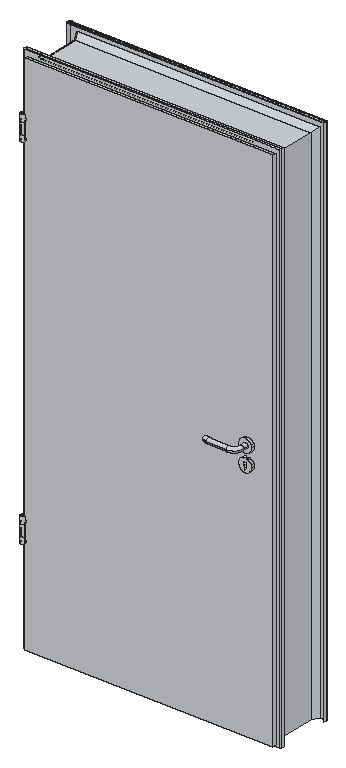
Revit family "BOS-Schrägleibungszarge-15ZcBud_Familie", category Türen, Revit 2017 (continued)
Definition of nested family "BOS-Band-VX_Modell"
  Automatic sketch dimensions
    plane 1 to Extrusion 8 sketch curve = 7.193 mm
    Extrusion 8 sketch curve to Extrusion 8 sketch curve = 0.599 mm
    Extrusion 8 sketch curve to plane 1 = 1.214 mm
    Extrusion 8 sketch curve to Extrusion 8 sketch curve = 3.496 mm
    plane 1 to Extrusion 8 sketch curve = 4.667 mm
    Extrusion 8 sketch curve to Extrusion 8 sketch curve = 2.431 mm
    Extrusion 8 sketch curve to Extrusion 8 sketch curve = 0.001 mm
    Extrusion 8 sketch curve to Extrusion 8 sketch curve = 0.021 mm
    Extrusion 8 sketch curve to plane 1 = 0.017 mm
    Extrusion 8 sketch curve to Extrusion 8 sketch curve = 0.149 mm
    Extrusion 8 sketch curve to Extrusion 8 sketch curve = 2.05 mm
    Extrusion 9 sketch curve to Extrusion 9 sketch curve = 0 mm  (x6)
    Extrusion 9 sketch curve to curve 1 = 0 mm
    curve 1 to Extrusion 9 sketch curve = 0 mm
    Extrusion 9 sketch curve to curve 1 = 5.051 mm
    Extrusion 9 sketch curve to Extrusion 9 sketch curve = 4.091 mm
    Extrusion 9 sketch curve to curve 1 = 7.771 mm
    Extrusion 9 sketch curve to Extrusion 9 sketch curve = 2.203 mm
    Extrusion 9 sketch curve to Extrusion 9 sketch curve = 7.729 mm
    Extrusion 10 sketch curve to Extrusion 10 sketch curve = 0 mm  (x6)
    Extrusion 10 sketch curve to curve 1 = 0 mm
    curve 1 to Extrusion 10 sketch curve = 0 mm
    Extrusion 10 sketch curve to curve 1 = 5.051 mm
    Extrusion 10 sketch curve to Extrusion 10 sketch curve = 4.091 mm
    Extrusion 10 sketch curve to curve 1 = 7.771 mm
    Extrusion 10 sketch curve to Extrusion 10 sketch curve = 2.203 mm
    Extrusion 10 sketch curve to Extrusion 10 sketch curve = 7.729 mm
    Extrusion 11 sketch curve to Extrusion 11 sketch curve = 0 mm  (x3)
    plane 1 to Extrusion 11 sketch curve = 0 mm
    Extrusion 11 sketch curve to plane 3 = 0 mm
    Extrusion 11 sketch curve to plane 1 = 1.171 mm
    Extrusion 11 sketch curve to Extrusion 11 sketch curve = 6.421 mm
    plane 1 to Extrusion 11 sketch curve = 7.193 mm
    Extrusion 11 sketch curve to Extrusion 11 sketch curve = 0.526 mm
    Extrusion 11 sketch curve to Extrusion 11 sketch curve = 0.553 mm
    Extrusion 11 sketch curve to plane 1 = 0.901 mm
    plane 1 to Extrusion 11 sketch curve = 10.603 mm
    Extrusion 11 sketch curve to Extrusion 11 sketch curve = 3.5 mm
    Extrusion 11 sketch curve to Extrusion 11 sketch curve = 0.158 mm
    Extrusion 11 sketch curve to Extrusion 11 sketch curve = 1.739 mm
    plane 1 to Extrusion 11 sketch curve = 4.695 mm
    Extrusion 12 sketch curve to Extrusion 12 sketch curve = 0 mm  (x6)
    curve 1 to Extrusion 12 sketch curve = 0 mm  (x2)
    curve 1 to Extrusion 12 sketch curve = 46.34 mm
    Extrusion 12 sketch curve to Extrusion 12 sketch curve = 3.031 mm  (x2)
    Extrusion 12 sketch curve to Extrusion 12 sketch curve = 5.75 mm
    Extrusion 12 sketch curve to Extrusion 12 sketch curve = 1.346 mm
    Extrusion 12 sketch curve to Extrusion 12 sketch curve = 0.548 mm
    Extrusion 12 sketch curve to Extrusion 12 sketch curve = 1.017 mm
    Extrusion 12 sketch curve to Extrusion 12 sketch curve = 3.25 mm
    Extrusion 12 sketch curve to Extrusion 12 sketch curve = 1.75 mm
    Extrusion 13 sketch curve to Extrusion 13 sketch curve = 0 mm  (x6)
    curve 1 to Extrusion 13 sketch curve = 0 mm  (x2)
    curve 1 to Extrusion 13 sketch curve = 46.34 mm
    Extrusion 13 sketch curve to Extrusion 13 sketch curve = 3.031 mm  (x2)
    Extrusion 13 sketch curve to Extrusion 13 sketch curve = 5.75 mm
    Extrusion 13 sketch curve to Extrusion 13 sketch curve = 1.346 mm
    Extrusion 13 sketch curve to Extrusion 13 sketch curve = 0.548 mm
    Extrusion 13 sketch curve to Extrusion 13 sketch curve = 1.017 mm
    Extrusion 13 sketch curve to Extrusion 13 sketch curve = 3.25 mm
    Extrusion 13 sketch curve to Extrusion 13 sketch curve = 1.75 mm
    radius of Sweep 1 sketch curve = 6.5 mm
Definition of nested family "BOS-BOS_Modell"
  Parameters (values of type "BOS-BOS_Modell")
    Abstand = 22 mm
  Reference planes
    plane 1 "Mitte (Vorne/hinten)": y = 0
    plane 2: z = 0
    plane 3 "Mitte (Links/rechts)": x = 0
    plane 4 "BOS": x = -22
  Dimensions and locks
    "Abstand": plane 4 "BOS" to plane 3 "Mitte (Links/rechts)"
    aligned and locked: level to plane 2
    aligned and locked: plane 1 "Mitte (Vorne/hinten)" to text3d elem
    aligned and locked: text3d elem to level
Definition of nested family "BOS-Info-Texte_Beschriftung"
  Parameters (values of type "Drückerhöhe Warnung")
    Unten = yes
    Schwarz = yes
    Rot = no
    Oben = no
    Info-Text En unten = "Please take the handle depth/height and/or DIN opening direction into account!"
    Info-Text De unten = "Drückertiefen/-höhen und/oder DIN Richtungen beachten/anpassen!"
    Info-Text En oben = "Kein Text"
    Englisch unten rot = and(and(Unten, Englisch), Rot)  # no
    Englisch unten schwarz = and(and(Unten, Englisch), Schwarz)  # no
    Englisch oben rot = and(and(Oben, Englisch), Rot)  # no
    Englisch oben schwarz = and(and(Oben, Englisch), Schwarz)  # no
    Info-Text De oben = "Kein Text"
    Warndreieck = yes
    Fehlerkreis = no
    Englisch = no
    Deutsch unten rot = and(and(Unten, Deutsch), Rot)  # no
    Deutsch unten schwarz = and(and(Unten, Deutsch), Schwarz)  # yes
    Deutsch oben rot = and(and(Oben, Deutsch), Rot)  # no
    Deutsch oben schwarz = and(and(Oben, Deutsch), Schwarz)  # no
    Deutsch = not(Englisch)  # yes
    Ausrufezeichen = "!"
  Types (15, lengths in mm): name | Unten | Schwarz | Rot | Oben | Info-Text En unten | Info-Text De unten | Info-Text En oben | Info-Text De oben | Warndreieck | Fehlerkreis | Deutsch unten schwarz | Deutsch oben rot | Deutsch oben schwarz
    Rechtliche Hinweise | no | yes | no | yes | "Kein Text" | "Kein Text" | "In accordance with the protection note according to DIN 34, the ownership and copyrights are reserved!\r\n© 2016 BOS GmbH, Emsdetten, Germany -\r\nObserve the ISO 16016 protective label (see ID data)!\r\n\r\nSubject to technical change!" | "Entsprechend dem Schutzvermerk nach DIN 34 behalten wir uns Eigentum und Urheberrecht vor!\r\n© 2016 BOS GmbH, Emsdetten, Deutschland -\r\nSchutzvermerk ISO 16016 beachten (siehe ID-Daten)!\r\n\r\nTechnische Änderungen vorbehalten!" | no | no | no | no | yes
    Maulweite Fehlermeldung | no | yes | no | yes | "Kein Text" | "Kein Text" | "Check the wall thickness!" | "Wandstärke prüfen!" | no | yes | no | no | yes
    Verstellbereich | no | yes | no | yes | "Kein Text" | "Kein Text" | "Adjustment area from -5 to +15mm,\r\nother adjustment areas possible" | "Verstellbereich von -5 bis +15mm\r\nanderer Verstellbereich möglich" | no | no | no | no | yes
    Verstellbereich wSvdW | no | yes | no | yes | "Kein Text" | "Kein Text" | "Adjustment area in the soffit from -2 to +15mm,\r\nother adjustment areas possible" | "Verstellbereich in der Zargenleibung von -2 bis +15mm\r\nanderer Verstellbereich möglich" | no | no | no | no | yes
    Wandartauswahl 15Nz15Z | no | yes | no | yes | "Kein Text" | "Kein Text" | "Attention for stud walls: underlay from site required!\r\nFor DIN door leaves, select larger structural wall measurements.\r\nFor selection \"stud walls\":\r\nsee 'Features' (remove tick for brick walls)" | "Achtung bei Ständerwerk: bauseitige Unterfütterung erforderlich!\r\nBei DIN-Türblatt Rohbaumaße größer wählen.\r\nFür Auswahl \"Ständerwerk\": \r\nsiehe 'Eigenschaften' (Häkchen entfernen bei Mauerwerk)." | no | no | no | no | yes
    Technische Hinweise | no | yes | no | yes | "Kein Text" | "Kein Text" | "Due to manufacturing reasons this Revit family may not be changed\r\nwithout consulting BOS!\r\n\r\nDo not mirror frames (door list)!\r\nsee ‘Features’: DIN left / DIN right\r\n\r\nThe solid and stud walls or, for example, their profiles,\r\nmust be designed so that they can reliably and sustainably\r\nabsorb the static and dynamic forces resulting\r\nfrom the load on the door element used." | "Diese Revit-Familie darf aus fertigungstechnischen Gründen\r\nnicht ohne Rücksprache mit BOS abgeändert werden!\r\n\r\nZargen nicht spiegeln (Türliste)!\r\nsiehe 'Eigenschaften': DIN links / DIN rechts\r\n\r\nDie Massiv- und Ständerwerkswände bzw. deren Profile\r\nmüssen so ausgebildet sein, dass sie die statischen\r\nund dynamischen Kräfte, welche sich aus der Belastung\r\ndes verwendeten Türelements ergeben, zuverlässig\r\nund nachhaltig aufnehmen können." | no | no | no | no | yes
    Drückerhöhe Warnung | yes | yes | no | no | "Please take the handle depth/height and/or DIN opening direction into account!" | "Drückertiefen/-höhen und/oder DIN Richtungen beachten/anpassen!" | "Kein Text" | "Kein Text" | yes | no | yes | no | no
    Maulweite-Dehnungsfuge Fehlermeldung | no | yes | no | yes | "Kein Text" | "Kein Text" | "Check the wall thickness and/or expansion joint!" | "Wandstärke und/oder Dehnungsfuge prüfen!" | no | yes | no | no | yes
    Technische Hinweise Norm | no | yes | no | yes | "Kein Text" | "Kein Text" | "Due to manufacturing reasons this Revit family may not be changed\r\nwithout consulting BOS!\r\n\r\nThe solid and stud walls or, for example, their profiles,\r\nmust be designed so that they can reliably and sustainably\r\nabsorb the static and dynamic forces resulting\r\nfrom the load on the door element used." | "Diese Revit-Familie darf aus fertigungstechnischen Gründen\r\nnicht ohne Rücksprache mit BOS abgeändert werden!\r\n\r\nDie Massiv- und Ständerwerkswände bzw. deren Profile\r\nmüssen so ausgebildet sein, dass sie die statischen\r\nund dynamischen Kräfte, welche sich aus der Belastung\r\ndes verwendeten Türelements ergeben, zuverlässig\r\nund nachhaltig aufnehmen können." | no | no | no | no | yes
    Maßauswahl | no | no | yes | yes | "Kein Text" | "Kein Text" | "To choose  Rebate Width/Height Measurement, Receiving Opening\r\nsee 'Features'" | "Auswahl von FMB, FMH, MW\r\nunter 'Eigenschaften'" | no | no | no | yes | no
    Rohbaumaß Warnung (Spiegelbreiten) | no | yes | no | yes | "Kein Text" | "Kein Text" | "For DIN door leaves, select larger structural wall measurements!\r\nWhen changing the architrave widths, the structural measurements change accordingly." | "Bei DIN-Türblatt Rohbaumaße größer wählen!\r\nBei Änderung der Spiegelbreiten, Rohbaumaße beachten." | no | no | no | no | yes
    Drehpunkt Warnung | no | yes | no | yes | "Kein Text" | "Kein Text" | "The actual pivot point of the door leaf\r\nmay differ from the one illustrated!" | "Der tatsächliche Drehpunkt des Türblattes\r\nkann von der Darstellung abweichen!" | no | no | no | no | yes
    Türblattgewicht Hinweis | no | yes | no | yes | "Kein Text" | "Kein Text" | "Attention! Take door leaf weight into account!\r\nSee Webseite" | "Achtung! Türblattgewicht beachten!\r\nSiehe Webseite" | no | no | no | no | yes
    Pendeltürbänder Hinweis | no | yes | no | yes | "Kein Text" | "Kein Text" | "Please observe the instructions for the double action spring hinges\r\ngiven by the door hinge manufacturer Frivado\r\nregarding door leaf width, height and thickness!" | "Die Angaben zu den Pendeltürbändern\r\ndes Herstellers Fridavo beachten: zu \r\nTürblattbreite, -höhe, -dicke und -gewicht!" | no | no | no | no | yes
    Rohbaumaß Warnung | no | yes | no | yes | "Kein Text" | "Kein Text" | "For DIN door leaves, select larger structural wall measurements!" | "Bei DIN-Türblatt Rohbaumaße größer wählen!" | no | no | no | no | yes
  Reference planes
    plane 1: y = 0.955
    plane 2: x = 0
  Lines and regions (mm)
    Filled region 1, type "Gefüllter Bereich Gelb", visible <- "Warndreieck"
      outline origin (-7.188, 1.747, 0) x (1, 0, 0) y (0, 1, 0)
        loop
          line (5.951, -3.033) -> (8.413, -3.033) -> (7.182, -0.9) -> (5.951, -3.033)
    Filled region 2, type "Gefüllter Bereich Rot", visible <- "Fehlerkreis"
      outline origin (0, -3.763, 0) x (1, 0, 0) y (0, 1, 0)
        loop
          circle (0, 3.1) r 1.5
        loop
          line (-0.937, 3.486) -> (-0.937, 2.686) -> (1.023, 2.686) -> (1.023, 3.486) -> (-0.937, 3.486)
    Filled region 3, type "Gefüllter Bereich Weiss", visible <- "Fehlerkreis"
      outline origin (-7.014, -2.062, 0) x (1, 0, 0) y (0, 1, 0)
        loop
          line (6.077, 1.785) -> (6.077, 0.985) -> (8.038, 0.985) -> (8.038, 1.785) -> (6.077, 1.785)
  Text (mm)
    label "Info-Text De oben schwarz" at (0.065, 1.415, 0), shows "Info-Text De oben", visible <- "Deutsch oben schwarz"
    label "!" at (0.065, -0.414, 0), shows "Ausrufezeichen", visible <- "Warndreieck"
    label "Info-Text En oben schwarz" at (0.065, 1.415, 0), shows "Info-Text En oben", visible <- "Englisch oben schwarz"
    label "Info-Text De unten schwarz" at (0.218, -2.468, 0), shows "Info-Text De unten", visible <- "Deutsch unten schwarz"
    label "Info-Text En unten schwarz" at (0.065, -2.419, 0), shows "Info-Text En unten", visible <- "Englisch unten schwarz"
    label "Info-Text En oben rot" at (0.065, 1.415, 0), shows "Info-Text En oben", visible <- "Englisch oben rot"
    label "Info-Text En unten rot" at (0.065, -2.419, 0), shows "Info-Text En unten", visible <- "Englisch unten rot"
    label "Info-Text De unten rot" at (0.065, -2.419, 0), shows "Info-Text De unten", visible <- "Deutsch unten rot"
    label "Info-Text De oben rot" at (-0.371, 1.396, 0), shows "Info-Text De oben", visible <- "Deutsch oben rot"
Definition of nested family "BOS-Logo_Modell"
  Parameters (values of type "BOS-Logo_Modell")
    URL = "www.BestOfSteel.de"
    Rechtliche Hinweise = "www.BestOfSteel.de/tools-downloads/bim-building-information-modeling/"
    Description = "BOS Logo"
    Keynote = "BOS Logo"
    BOS-Architekten-Beratung = "Tel.: +49 (0) 2572 203-203; E-Mail: architekten@BestOfSteel.de"
    Technische Infos rund um die Stahlzarge = "www.BestOfSteel.de/tools-downloads/technische-infos-rund-um-die-stahlzarge/"
    Abstand vertikal = 10 mm
    Abstand horizontal = 15 mm
  Reference planes
    plane 1: y = 0
    plane 2: z = 0
    plane 3: x = 0
    plane 4: x = -7
    plane 5: x = 7
    plane 6: y = 8.299
    plane 7: x = 15
    plane 8: y = 4.15
    plane 9: x = -15
    plane 10: y = 14.15
    plane 11: y = -5.85
  Dimensions and locks
    plane 4 to plane 3 to plane 5 = 7 mm, 7 mm
    "Abstand vertikal": plane 11 to plane 8 to plane 10
    plane 6 to plane 8 to plane 1 = 4.15 mm, 4.15 mm
    "Abstand horizontal": plane 9 to plane 3
    "Abstand horizontal": plane 3 to plane 7
    aligned and locked: level to plane 2
Definition of nested family "BOS-Druckfeste-Unterfütterung-bauseits_Detail"
  Parameters (values of type "BOS-Druckfeste-Unterfütterung-bauseits_Detail")
    Unterfütterungsstärke = 12 mm
    Unterfütterungabstand vorne = 30 mm
    Unterfütterungabstand hinten = 30 mm
    URL = "www.BestOfSteel.de"
    Rechtliche Hinweise = "www.BestOfSteel.de/tools-downloads/bim-building-information-modeling/"
    Putzwinkel vorne = 0 mm
    Putzwinkel hinten = 0 mm
    MW Maulweite = 200 mm
    BOS-Architekten-Beratung = "Tel.: +49 (0) 2572 203-203; E-Mail: architekten@BestOfSteel.de"
    Technische Infos rund um die Stahlzarge = "www.BestOfSteel.de/tools-downloads/technische-infos-rund-um-die-stahlzarge/"
    Manufacturer = "BOS GmbH Best Of Steel, Lütkenfelde 4, D-48282 Emsdetten"
    Description = "Druckfeste Unterfütterung (bauseits)"
    Keynote = "BOS Detail"
  Reference planes
    plane 1: y = 0
    plane 2: z = 0
    plane 3: x = 0
    plane 4: y = 200
    plane 5: x = 12
    plane 6: y = 0
    plane 7: y = 200
    plane 8: y = 170
    plane 9: y = 30
    plane 10: y = 100
  Lines and regions (mm)
    detail lines, in view "Ref.-Ebene"
      curve 1: line (0, 30, 0) -> (12, 30, 0)
      curve 2: line (12, 30, 0) -> (12, 170, 0)
      curve 3: line (12, 170, 0) -> (0, 170, 0)
      curve 4: line (0, 170, 0) -> (0, 30, 0)
      curve 5: line (0, 30, 0) -> (12, 170, 0)
      curve 6: line (12, 30, 0) -> (0, 170, 0)
  Dimensions and locks
    "MW Maulweite": plane 4 to plane 1
    "Putzwinkel vorne": plane 1 to plane 6
    "Putzwinkel hinten": plane 7 to plane 4
    "Unterfütterungabstand vorne": plane 9 to plane 6
    "Unterfütterungabstand hinten": plane 7 to plane 8
    "Unterfütterungsstärke": plane 3 to plane 5
    equal spacing: plane 4, plane 10, plane 1
  Automatic sketch dimensions
    curve 1 to plane 3 = 0 mm
    curve 6 to plane 5 = 0 mm
    curve 6 to plane 9 = 0 mm
    curve 3 to plane 8 = 0 mm
Definition of nested family "BOS-Nivellieranker_Detail"
  Parameters (values of type "BOS-Nivellieranker_Detail")
    Unterfütterungsstärke = 0 mm
    URL = "www.BestOfSteel.de"
    Stumpf-Gefälzt = if(Gefälzt, 28 mm, 46 mm)  # 28 mm
    Stumpf = no
    Schraubenabstand vorne = 17 mm
    Schraubenabstand hinten = 21 mm
    Rechtliche Hinweise = "www.BestOfSteel.de/tools-downloads/bim-building-information-modeling/"
    Putzwinkel vorne = 15 mm
    Nivellierankerlänge = if(and(Gefälzt, Nivellierankergröße < 2), 87 mm, if(and(Stumpf, Nivellierankergröße < 3), 105 mm, 55 mm + (Nivellierankergröße * 25 mm)))  # 205 mm
    Nivellierankergröße = if(roundup((GT - 94 mm) / 25 mm) < 0, 0, roundup((GT - 94 mm) / 25 mm))  # 6
    MW Maulweite = 200 mm
    Manufacturer = "BOS GmbH Best Of Steel, Lütkenfelde 4, D-48282 Emsdetten"
    Gefälzt = yes
    GT min. = if(Gefälzt, 105 mm, 120 mm)  # 105 mm
    GT max. = if(Gefälzt, 319 mm, 344 mm)  # 319 mm
    GT Gesamttiefe = 230 mm
    GT = if(or(GT Gesamttiefe < GT min., GT Gesamttiefe > GT max.), 0 mm, GT Gesamttiefe)  # 230 mm
    Falzaufschlag gesamt = 15 mm
    Einfügepunkt = 22 mm
    Blechstärke = 1.5 mm
    Description = "Nivellieranker"
    Keynote = "BOS Detail"
    BOS-Architekten-Beratung = "Tel.: +49 (0) 2572 203-203; E-Mail: architekten@BestOfSteel.de\r\nTel.: +49 (0) 2572 203-203, Fax -209; E-Mail: architekten@BestOfSteel.de\r\nTel.: +49 (0) 2572 203-203, Fax -209; E-Mail: architekten@BestOfSteel.de"
    Technische Infos rund um die Stahlzarge = "www.BestOfSteel.de/tools-downloads/technische-infos-rund-um-die-stahlzarge/"
    Abstand vorne = 0 mm
    Abstand hinten = 0 mm
  Reference planes
    plane 1: z = 0
    plane 2: x = 0
    plane 3: x = 35.5
    plane 4: y = 193.247
    plane 5: y = 3.247
    plane 6: y = 16.747
    plane 7: y = 216.747
    plane 8: x = 20.5
    plane 9: y = 1.747
    plane 10: x = 37
    plane 11: x = 22
    plane 12: y = 48.247
    plane 13: y = 187.247
    plane 14: y = 208.247
    plane 15: y = 3.247
    plane 16: x = 8.5
    plane 17: y = 31.247
    plane 18: x = 2
    plane 19: y = 52.247
    plane 20: y = 44.247
    plane 21: y = 183.247
    plane 22: y = 191.247
    plane 23: x = 33.5
    plane 24: x = 0
    plane 25: y = 109.247
  Lines and regions (mm)
    detail lines, in view "Ref.-Ebene", not visible
      curve 1: arc (191, 231, 0) -> (192, 230, 0) -> (193, 231, 0) r 1
      curve 2: arc (193, 244, 0) -> (192, 245, 0) -> (191, 244, 0) r 1
      curve 3: line (193, 231, 0) -> (193, 244, 0)
      curve 4: line (191, 244, 0) -> (191, 231, 0)
      curve 11: line (234.876, 339.411, 0) -> (233.447, 342.424, 0)
      curve 12: line (233.447, 342.424, 0) -> (235.255, 343.281, 0)
      curve 13: line (235.255, 343.281, 0) -> (236.876, 339.862, 0)
      curve 14: line (236.876, 327.281, 0) -> (238.976, 327.281, 0)
      curve 15: line (238.976, 327.281, 0) -> (238.976, 328.281, 0)
      curve 16: line (236.876, 343.285, 0) -> (236.876, 327.281, 0)
    reference lines, in view "Ref.-Ebene", not visible
      curve 5: line (187.644, 237.5, 0) -> (197.644, 237.5, 0)
      curve 30: line (234.876, 339.411, 0) -> (234.876, 327.411, 0)
      curve 31: line (236.876, 343.285, 0) -> (241.876, 343.285, 0)
    detail lines, in view "Ref.-Ebene"
      curve 6: arc (0, 180.747, 0) -> (1, 179.747, 0) -> (2, 180.747, 0) r 1
      curve 7: arc (2, 193.747, 0) -> (1, 194.747, 0) -> (0, 193.747, 0) r 1
      curve 8: line (2, 180.747, 0) -> (2, 193.747, 0)
      curve 9: line (0, 193.747, 0) -> (0, 180.747, 0)
      curve 17: arc (0, 41.747, 0) -> (1, 40.747, 0) -> (2, 41.747, 0) r 1
      curve 18: arc (2, 54.747, 0) -> (1, 55.747, 0) -> (0, 54.747, 0) r 1
      curve 19: line (2, 41.747, 0) -> (2, 54.747, 0)
      curve 20: line (0, 54.747, 0) -> (0, 41.747, 0)
      curve 22: line (8.5, 204.373, 0) -> (7.072, 207.386, 0)
      curve 23: line (7.072, 207.386, 0) -> (8.879, 208.243, 0)
      curve 24: line (8.879, 208.243, 0) -> (10.5, 204.823, 0)
      curve 25: line (10.5, 192.243, 0) -> (12.6, 192.243, 0)
      curve 26: line (12.6, 192.243, 0) -> (12.6, 193.243, 0)
      curve 27: line (10.5, 208.247, 0) -> (10.5, 192.243, 0)
      curve 32: line (2, 191.247, 0) -> (8.5, 191.247, 0)
      curve 33: line (2, 183.247, 0) -> (8.5, 183.247, 0)
      curve 34: line (8.5, 52.247, 0) -> (2, 52.247, 0)
      curve 35: line (2, 44.247, 0) -> (8.5, 44.247, 0)
      curve 36: arc (18.158, 31.008, 0) -> (17.681, 31.374, 0) -> (17.5, 31.947, 0) r 1
      curve 37: arc (17.474, 29.128, 0) -> (16.043, 30.227, 0) -> (15.5, 31.947, 0) r 3
      curve 38: arc (18.526, 30.874, 0) -> (19.957, 29.775, 0) -> (20.5, 28.055, 0) r 3
      curve 39: arc (17.842, 28.994, 0) -> (18.319, 28.628, 0) -> (18.5, 28.055, 0) r 1
      curve 40: line (17.5, 31.947, 0) -> (17.5, 193.247, 0)
      curve 41: line (20.5, 28.055, 0) -> (20.5, 5.247, 0)
      curve 42: line (20.5, 5.247, 0) -> (10.5, 5.247, 0)
      curve 43: line (10.5, 5.247, 0) -> (10.5, 3.247, 0)
      curve 44: line (10.5, 3.247, 0) -> (8.5, 3.247, 0)
      curve 45: line (8.5, 3.247, 0) -> (8.5, 204.377, 0)
      curve 46: line (15.5, 193.247, 0) -> (15.5, 31.947, 0)
      curve 47: line (18.5, 5.247, 0) -> (18.5, 28.055, 0)
      curve 48: line (18.526, 30.874, 0) -> (18.158, 31.008, 0)
      curve 49: line (17.842, 28.994, 0) -> (17.474, 29.128, 0)
      curve 50: line (10.5, 208.247, 0) -> (35.5, 208.247, 0)
      curve 51: line (35.5, 193.247, 0) -> (10.5, 193.247, 0)
      curve 52: line (35.5, 208.247, 0) -> (35.5, 193.247, 0)
      curve 53: line (33.5, 193.247, 0) -> (33.5, 208.247, 0)
    reference lines, in view "Ref.-Ebene"
      curve 10: line (-3.356, 187.247, 0) -> (6.644, 187.247, 0)
      curve 21: line (-3.356, 48.247, 0) -> (6.644, 48.247, 0)
      curve 28: line (8.5, 204.373, 0) -> (8.5, 192.373, 0)
      curve 29: line (10.5, 208.247, 0) -> (15.5, 208.247, 0)
  Dimensions and locks
    "Blechstärke": plane 5 to plane 9
    "Putzwinkel vorne": plane 6 to plane 9
    "Blechstärke": plane 8 to plane 11
    "Einfügepunkt": plane 2 to plane 11
    "Blechstärke": plane 3 to plane 10
    "Falzaufschlag gesamt": plane 11 to plane 10
    locked: plane 4 to plane 14 at 15
    "Abstand vorne": plane 15 to plane 5
    plane 16 to plane 8 = 12 mm
    "Stumpf-Gefälzt": plane 17 to plane 15
    plane 19 to plane 20 = 8 mm
    locked: plane 21 to plane 22 at 8
    equal spacing: plane 19, plane 12, plane 20
    equal spacing: plane 21, plane 13, plane 22
    plane 23 to plane 3 = 2 mm
    "Schraubenabstand hinten": plane 14 to plane 13
    "Nivellierankerlänge": plane 14 to plane 15
    "Schraubenabstand vorne": plane 12 to plane 17
    plane 24 to plane 18 = 2 mm
    "Unterfütterungsstärke": plane 2 to plane 24
    equal spacing: plane 9, plane 25, plane 7
    "MW Maulweite": plane 6 to plane 7
    aligned and locked: curve 21 to plane 12
    aligned and locked: curve 10 to plane 13
    aligned and locked: plane 16 to curve 28
    aligned and locked: curve 29 to plane 14
    aligned and locked: plane 24 to curve 20
    aligned and locked: plane 24 to curve 9
  Automatic sketch dimensions
    curve 1 to curve 1 = 1 mm
    curve 1 to curve 3 = 13 mm
    curve 5 to curve 5 = 10 mm
    curve 6 to curve 6 = 1 mm
    curve 6 to curve 8 = 13 mm
    curve 10 to curve 10 = 10 mm
    curve 17 to curve 17 = 1 mm
    curve 17 to curve 19 = 13 mm
    curve 21 to curve 21 = 10 mm
    curve 22 to curve 23 = 1.807 mm
    curve 22 to curve 27 = 3.428 mm
    curve 25 to curve 26 = 2.1 mm
    curve 25 to curve 23 = 15.143 mm
    curve 22 to curve 23 = 0.857 mm
    curve 22 to curve 24 = 2 mm
    curve 25 to curve 26 = 1 mm
    curve 23 to curve 27 = 0.004 mm
    curve 11 to curve 12 = 1.807 mm
    curve 11 to curve 16 = 3.428 mm
    curve 14 to curve 15 = 2.1 mm
    curve 14 to curve 12 = 15.143 mm
    curve 11 to curve 12 = 0.857 mm
    curve 11 to curve 13 = 2 mm
    curve 14 to curve 15 = 1 mm
    curve 12 to curve 16 = 0.004 mm
    curve 28 to curve 29 = 2 mm
    curve 29 to curve 29 = 5 mm
    curve 28 to curve 28 = 12 mm
    curve 28 to curve 29 = 3.874 mm
    curve 30 to curve 31 = 2 mm
    curve 31 to curve 31 = 5 mm
    curve 30 to curve 30 = 12 mm
    curve 30 to curve 31 = 3.874 mm
    curve 35 to plane 18 = 0 mm
    curve 34 to plane 18 = 0 mm
    curve 33 to plane 18 = 0 mm
    curve 32 to plane 18 = 0 mm
    curve 33 to plane 16 = 0 mm
    curve 35 to plane 20 = 0 mm
    curve 34 to plane 19 = 0 mm
    curve 33 to plane 21 = 0 mm
    plane 22 to curve 32 = 0 mm
    curve 36 to curve 37 = 0 mm  (x2)
    curve 38 to curve 39 = 0 mm  (x2)
    curve 43 to plane 15 = 0 mm
    curve 40 to plane 4 = 0 mm
    curve 38 to plane 8 = 0 mm
    curve 53 to plane 23 = 0 mm
    curve 51 to plane 3 = 0 mm
    curve 53 to plane 14 = 0 mm
    plane 8 to curve 39 = 3 mm
    plane 17 to curve 36 = 0.7 mm
    plane 8 to curve 36 = 2 mm
    curve 39 to plane 17 = 3.193 mm
    curve 50 to plane 16 = 2 mm
    curve 44 to curve 44 = 2 mm
    curve 51 to plane 16 = 2 mm
    curve 51 to curve 46 = 5 mm
    curve 49 to curve 38 = 0.026 mm
    curve 46 to curve 40 = 2 mm
    curve 49 to curve 39 = 0.368 mm
    curve 48 to plane 17 = 0.239 mm
    plane 8 to curve 47 = 2 mm
    curve 38 to plane 17 = 0.373 mm
    plane 15 to curve 42 = 2 mm
    curve 45 to plane 14 = 3.87 mm
Definition of nested family "BOS-Trapezanker_Detail"
  Parameters (values of type "BOS-Trapezanker_Detail")
    wk-Zarge = no
    Vorsprung = if([wk-Zarge], 2 * Blechstärke, 0 mm)  # 0 mm
    Radius innen = 1 mm
    Putzwinkel hinten = 15 mm
    Führungsanker wk-Einfachfalz = and([wk-Zarge], Einfachfalz)  # no
    Führungsanker wk-Doppelfalz = and([wk-Zarge], Doppelfalz)  # no
    Führungsanker Einfachfalz = and(not([wk-Zarge]), Einfachfalz)  # yes
    Führungsanker Doppelfalz = and(not([wk-Zarge]), Doppelfalz)  # no
    Ankerstärke = 10 mm
    Ankerabstand vorne = 0 mm
    GT Gesamttiefe = 230 mm
    Falzaufschlag gesamt = 15 mm
    Einfügepunkt = 29 mm
    Einfachfalz = yes
    Rechtliche Hinweise = "www.BestOfSteel.de/tools-downloads/bim-building-information-modeling/"
    Putzwinkel vorne = 15 mm
    Doppelfalz = no
    URL = "www.BestOfSteel.de"
    Manufacturer = "BOS GmbH Best Of Steel, Lütkenfelde 4, D-48282 Emsdetten"
    Blechstärke = 1.5 mm
    Description = "Trapezanker"
    Keynote = "BOS Detail"
    BOS-Architekten-Beratung = "Tel.: +49 (0) 2572 203-203; E-Mail: architekten@BestOfSteel.de"
    Ankerlänge = GT Gesamttiefe - Ankerabstand vorne - 2 * Blechstärke - Ankerabstand hinten  # 212 mm
    Technische Infos rund um die Stahlzarge = "www.BestOfSteel.de/tools-downloads/technische-infos-rund-um-die-stahlzarge/\r\nwww.BestOfSteel.de/tools-downloads/technische-infos-rund-um-die-stahlzarge/\r\nwww.BestOfSteel.de/tools-downloads/technische-infos-rund-um-die-stahlzarge/"
    Ankerabstand hinten = 15 mm
  Reference planes
    plane 1: y = 10
    plane 2: z = 0
    plane 3: y = 223
    plane 4: y = 11
    plane 5: x = -42.5
    plane 6: y = 23.5
    plane 7: y = 8.5
    plane 8: x = -15
    plane 9: x = -25
    plane 10: y = 237
    plane 11: y = 238.5
    plane 12: x = 0
    plane 13: x = 1.5
    plane 14: x = -13.5
    plane 15: y = 123.5
    plane 16: y = 223.5
    plane 17: y = 11
    plane 18: x = 1.5
  Lines and regions (mm)
    detail lines, in view "Ref.-Ebene"
      curve 1: line (-16.5, 11, 0) -> (-16.5, 223, 0)
      curve 2: line (-23.5, 11, 0) -> (-23.5, 223, 0)
      curve 3: line (-15, 11, 0) -> (-15, 223, 0)
      curve 4: line (-25, 11, 0) -> (-15, 11, 0)
      curve 5: line (-15, 223, 0) -> (-25, 223, 0)
      curve 6: line (-25, 11, 0) -> (-25, 223, 0)
    detail lines, in view "Ref.-Ebene", visible <- "Führungsanker Einfachfalz"
      curve 7: arc (-2, 195.213, 0) -> (-2.073, 195.588, 0) -> (-2.281, 195.909, 0) r 1
      curve 8: arc (-12, 229.5, 0) -> (-19.5, 237, 0) -> (-27, 229.5, 0) r 7.5
      curve 9: arc (-14, 229.5, 0) -> (-19.5, 235, 0) -> (-25, 229.5, 0) r 5.5
      curve 10: arc (-14, 214.44, 0) -> (-13.301, 209.615, 0) -> (-11.261, 205.187, 0) r 17
      curve 11: arc (-12, 214.44, 0) -> (-11.383, 210.183, 0) -> (-9.584, 206.276, 0) r 15
      curve 12: line (-25, 212, 0) -> (-27, 212, 0)
      curve 13: line (-27, 212, 0) -> (-27, 229.5, 0)
      curve 14: line (0, 173, 0) -> (-2, 173, 0)
      curve 15: line (-2, 173, 0) -> (-2, 195.213, 0)
      curve 16: line (-12, 229.5, 0) -> (-12, 214.44, 0)
      curve 17: line (-14, 229.5, 0) -> (-14, 214.44, 0)
      curve 18: line (-0.844, 197.246, 0) -> (-9.584, 206.276, 0)
      curve 19: line (-2.281, 195.909, 0) -> (-11.261, 205.187, 0)
      curve 20: arc (0, 195.16, 0) -> (-0.219, 196.285, 0) -> (-0.844, 197.246, 0) r 3
      curve 21: line (0, 173, 0) -> (0, 195.16, 0)
      curve 22: line (-25, 212, 0) -> (-25, 229.5, 0)
    detail lines, in view "Ref.-Ebene", visible <- "Führungsanker Einfachfalz", not visible
      curve 23: arc (127.112, 256.588, 0) -> (127.039, 256.963, 0) -> (126.831, 257.284, 0) r 1
      curve 24: arc (117.112, 290.875, 0) -> (109.612, 298.375, 0) -> (102.112, 290.875, 0) r 7.5
      curve 25: arc (115.112, 290.875, 0) -> (109.612, 296.375, 0) -> (104.112, 290.875, 0) r 5.5
      curve 26: arc (115.112, 275.815, 0) -> (115.811, 270.99, 0) -> (117.851, 266.562, 0) r 17
      curve 27: arc (117.112, 275.815, 0) -> (117.729, 271.558, 0) -> (119.528, 267.651, 0) r 15
      curve 28: line (104.112, 273.375, 0) -> (102.112, 273.375, 0)
      curve 29: line (102.112, 273.375, 0) -> (102.112, 290.875, 0)
      curve 30: line (129.112, 234.375, 0) -> (127.112, 234.375, 0)
      curve 31: line (127.112, 234.375, 0) -> (127.112, 256.588, 0)
      curve 32: line (117.112, 290.875, 0) -> (117.112, 275.815, 0)
      curve 33: line (115.112, 290.875, 0) -> (115.112, 275.815, 0)
      curve 34: line (128.268, 258.621, 0) -> (119.528, 267.651, 0)
      curve 35: line (126.831, 257.284, 0) -> (117.851, 266.562, 0)
      curve 36: arc (129.112, 256.535, 0) -> (128.893, 257.66, 0) -> (128.268, 258.621, 0) r 3
      curve 37: line (129.112, 234.375, 0) -> (129.112, 256.535, 0)
      curve 38: line (104.112, 273.375, 0) -> (104.112, 290.875, 0)
    detail lines, in view "Ref.-Ebene", visible <- "Führungsanker Doppelfalz"
      curve 39: arc (13, 195.061, 0) -> (12.819, 195.634, 0) -> (12.342, 196, 0) r 1
      curve 40: arc (-12, 217.443, 0) -> (-9.581, 209.276, 0) -> (-3.105, 203.742, 0) r 15
      curve 41: arc (-14, 217.443, 0) -> (-11.259, 208.187, 0) -> (-3.92, 201.915, 0) r 17
      curve 42: arc (-12, 229.5, 0) -> (-19.5, 237, 0) -> (-27, 229.5, 0) r 7.5
      curve 43: arc (-14, 229.5, 0) -> (-19.5, 235, 0) -> (-25, 229.5, 0) r 5.5
      curve 44: line (-27, 229.5, 0) -> (-27, 212, 0)
      curve 45: line (-27, 212, 0) -> (-25, 212, 0)
      curve 46: line (15, 174.157, 0) -> (13, 174.157, 0)
      curve 47: line (13, 174.157, 0) -> (13, 195.061, 0)
      curve 48: line (-12, 229.5, 0) -> (-12, 217.443, 0)
      curve 49: line (-14, 229.5, 0) -> (-14, 217.443, 0)
      curve 50: line (12.342, 196, 0) -> (-3.92, 201.915, 0)
      curve 51: line (13.025, 197.875, 0) -> (-3.105, 203.742, 0)
      curve 52: arc (15, 195.055, 0) -> (14.457, 196.776, 0) -> (13.025, 197.875, 0) r 3
      curve 53: line (15, 174.157, 0) -> (15, 195.055, 0)
      curve 54: line (-25, 229.5, 0) -> (-25, 212, 0)
    detail lines, in view "Ref.-Ebene", visible <- "Führungsanker Doppelfalz", not visible
      curve 55: arc (244.535, 325.598, 0) -> (244.354, 326.172, 0) -> (243.877, 326.538, 0) r 1
      curve 56: arc (219.535, 347.981, 0) -> (221.953, 339.814, 0) -> (228.429, 334.28, 0) r 15
      curve 57: arc (217.535, 347.981, 0) -> (220.276, 338.725, 0) -> (227.615, 332.453, 0) r 17
      curve 58: arc (219.535, 360.038, 0) -> (212.035, 367.538, 0) -> (204.535, 360.038, 0) r 7.5
      curve 59: arc (217.535, 360.038, 0) -> (212.035, 365.538, 0) -> (206.535, 360.038, 0) r 5.5
      curve 60: line (204.535, 360.038, 0) -> (204.535, 342.538, 0)
      curve 61: line (204.535, 342.538, 0) -> (206.535, 342.538, 0)
      curve 62: line (246.535, 304.694, 0) -> (244.535, 304.694, 0)
      curve 63: line (244.535, 304.694, 0) -> (244.535, 325.598, 0)
      curve 64: line (219.535, 360.038, 0) -> (219.535, 347.981, 0)
      curve 65: line (217.535, 360.038, 0) -> (217.535, 347.981, 0)
      curve 66: line (243.877, 326.538, 0) -> (227.615, 332.453, 0)
      curve 67: line (244.56, 328.413, 0) -> (228.429, 334.28, 0)
      curve 68: arc (246.535, 325.593, 0) -> (245.992, 327.314, 0) -> (244.56, 328.413, 0) r 3
      curve 69: line (246.535, 304.694, 0) -> (246.535, 325.593, 0)
      curve 70: line (206.535, 360.038, 0) -> (206.535, 342.538, 0)
    reference lines, in view "Ref.-Ebene"
      curve 71: line (-7.209, 237, 0) -> (-30.5, 237, 0)
      curve 73: line (-7.209, 237, 0) -> (-30.5, 237, 0)
      curve 89: line (-7.209, 237, 0) -> (-30.5, 237, 0)
      curve 123: line (-7.209, 237, 0) -> (-30.5, 237, 0)
    reference lines, in view "Ref.-Ebene", not visible
      curve 72: line (121.903, 298.375, 0) -> (98.612, 298.375, 0)
      curve 74: line (224.325, 367.538, 0) -> (201.035, 367.538, 0)
      curve 106: line (121.903, 298.375, 0) -> (98.612, 298.375, 0)
      curve 140: line (224.325, 367.538, 0) -> (201.035, 367.538, 0)
    detail lines, in view "Ref.-Ebene", visible <- "Führungsanker wk-Einfachfalz"
      curve 75: arc (-5, 195.213, 0) -> (-5.041, 195.497, 0) -> (-5.161, 195.757, 0) r 1
      curve 76: arc (-12, 229.5, 0) -> (-19.5, 237, 0) -> (-27, 229.5, 0) r 7.5
      curve 77: arc (-14, 229.5, 0) -> (-19.5, 235, 0) -> (-25, 229.5, 0) r 5.5
      curve 78: arc (-14, 214.44, 0) -> (-13.301, 209.615, 0) -> (-11.261, 205.187, 0) r 17
      curve 79: arc (-12, 214.44, 0) -> (-11.383, 210.183, 0) -> (-9.584, 206.276, 0) r 15
      curve 80: line (-25, 212, 0) -> (-27, 212, 0)
      curve 81: line (-27, 212, 0) -> (-27, 229.5, 0)
      curve 82: line (-3, 173, 0) -> (-5, 173, 0)
      curve 83: line (-5, 173, 0) -> (-5, 195.213, 0)
      curve 84: line (-12, 229.5, 0) -> (-12, 214.44, 0)
      curve 85: line (-14, 229.5, 0) -> (-14, 214.44, 0)
      curve 86: arc (-3, 195.16, 0) -> (-3.123, 196.011, 0) -> (-3.483, 196.792, 0) r 3
      curve 87: line (-3, 173, 0) -> (-3, 195.16, 0)
      curve 88: line (-25, 212, 0) -> (-25, 229.5, 0)
      curve 90: line (-9.584, 206.276, 0) -> (-3.447, 196.816, 0)
      curve 91: line (-11.261, 205.187, 0) -> (-5.149, 195.765, 0)
    detail lines, in view "Ref.-Ebene", visible <- "Führungsanker wk-Einfachfalz", not visible
      curve 92: arc (124.112, 256.588, 0) -> (124.071, 256.872, 0) -> (123.951, 257.133, 0) r 1
      curve 93: arc (117.112, 290.875, 0) -> (109.612, 298.375, 0) -> (102.112, 290.875, 0) r 7.5
      curve 94: arc (115.112, 290.875, 0) -> (109.612, 296.375, 0) -> (104.112, 290.875, 0) r 5.5
      curve 95: arc (115.112, 275.815, 0) -> (115.811, 270.99, 0) -> (117.851, 266.562, 0) r 17
      curve 96: arc (117.112, 275.815, 0) -> (117.729, 271.558, 0) -> (119.528, 267.651, 0) r 15
      curve 97: line (104.112, 273.375, 0) -> (102.112, 273.375, 0)
      curve 98: line (102.112, 273.375, 0) -> (102.112, 290.875, 0)
      curve 99: line (126.112, 234.375, 0) -> (124.112, 234.375, 0)
      curve 100: line (124.112, 234.375, 0) -> (124.112, 256.588, 0)
      curve 101: line (117.112, 290.875, 0) -> (117.112, 275.815, 0)
      curve 102: line (115.112, 290.875, 0) -> (115.112, 275.815, 0)
      curve 103: arc (126.112, 256.535, 0) -> (125.989, 257.386, 0) -> (125.629, 258.167, 0) r 3
      curve 104: line (126.112, 234.375, 0) -> (126.112, 256.535, 0)
      curve 105: line (104.112, 273.375, 0) -> (104.112, 290.875, 0)
      curve 107: line (119.528, 267.651, 0) -> (125.666, 258.191, 0)
      curve 108: line (117.851, 266.562, 0) -> (123.963, 257.14, 0)
    detail lines, in view "Ref.-Ebene", visible <- "Führungsanker wk-Doppelfalz"
      curve 109: arc (10, 195.061, 0) -> (9.839, 195.605, 0) -> (9.407, 195.974, 0) r 1
      curve 110: arc (-12, 217.443, 0) -> (-9.586, 209.282, 0) -> (-3.119, 203.748, 0) r 15
      curve 111: arc (-14, 217.443, 0) -> (-11.26, 208.188, 0) -> (-3.922, 201.916, 0) r 17
      curve 112: arc (-12, 229.5, 0) -> (-19.5, 237, 0) -> (-27, 229.5, 0) r 7.5
      curve 113: arc (-14, 229.5, 0) -> (-19.5, 235, 0) -> (-25, 229.5, 0) r 5.5
      curve 114: line (-27, 229.5, 0) -> (-27, 212, 0)
      curve 115: line (-27, 212, 0) -> (-25, 212, 0)
      curve 116: line (12, 174.157, 0) -> (10, 174.157, 0)
      curve 117: line (10, 174.157, 0) -> (10, 195.061, 0)
      curve 118: line (-12, 229.5, 0) -> (-12, 217.443, 0)
      curve 119: line (-14, 229.5, 0) -> (-14, 217.443, 0)
      curve 120: arc (12, 195.055, 0) -> (11.457, 196.776, 0) -> (10.025, 197.875, 0) r 3
      curve 121: line (12, 174.157, 0) -> (12, 195.055, 0)
      curve 122: line (-25, 229.5, 0) -> (-25, 212, 0)
      curve 124: line (10.025, 197.875, 0) -> (-3.119, 203.748, 0)
      curve 125: line (-3.922, 201.916, 0) -> (9.407, 195.974, 0)
    detail lines, in view "Ref.-Ebene", visible <- "Führungsanker wk-Doppelfalz", not visible
      curve 126: arc (241.535, 325.598, 0) -> (241.374, 326.143, 0) -> (240.942, 326.512, 0) r 1
      curve 127: arc (219.535, 347.981, 0) -> (221.949, 339.82, 0) -> (228.415, 334.286, 0) r 15
      curve 128: arc (217.535, 347.981, 0) -> (220.275, 338.726, 0) -> (227.613, 332.454, 0) r 17
      curve 129: arc (219.535, 360.038, 0) -> (212.035, 367.538, 0) -> (204.535, 360.038, 0) r 7.5
      curve 130: arc (217.535, 360.038, 0) -> (212.035, 365.538, 0) -> (206.535, 360.038, 0) r 5.5
      curve 131: line (204.535, 360.038, 0) -> (204.535, 342.538, 0)
      curve 132: line (204.535, 342.538, 0) -> (206.535, 342.538, 0)
      curve 133: line (243.535, 304.694, 0) -> (241.535, 304.694, 0)
      curve 134: line (241.535, 304.694, 0) -> (241.535, 325.598, 0)
      curve 135: line (219.535, 360.038, 0) -> (219.535, 347.981, 0)
      curve 136: line (217.535, 360.038, 0) -> (217.535, 347.981, 0)
      curve 137: arc (243.535, 325.593, 0) -> (242.992, 327.314, 0) -> (241.56, 328.413, 0) r 3
      curve 138: line (243.535, 304.694, 0) -> (243.535, 325.593, 0)
      curve 139: line (206.535, 360.038, 0) -> (206.535, 342.538, 0)
      curve 141: line (241.56, 328.413, 0) -> (228.415, 334.286, 0)
      curve 142: line (227.613, 332.454, 0) -> (240.942, 326.512, 0)
  Dimensions and locks
    "Ankerabstand vorne": plane 17 to plane 4
    "Blechstärke": plane 7 to plane 1
    "Putzwinkel vorne": plane 6 to plane 7
    "Ankerlänge": plane 3 to plane 4
    "Ankerstärke": plane 9 to plane 8
    "Blechstärke": plane 11 to plane 10
    "GT Gesamttiefe": plane 11 to plane 7
    "Blechstärke": plane 12 to plane 13
    "Einfügepunkt": plane 5 to plane 14
    "Blechstärke": plane 8 to plane 14
    equal spacing: plane 11, plane 15, plane 7
    "Radius innen": plane 1 to plane 17
    "Putzwinkel hinten": plane 11 to plane 16
    "Vorsprung": plane 13 to plane 18
    "Falzaufschlag gesamt": plane 14 to plane 18
    aligned and locked: curve 71 to plane 10
    aligned and locked: curve 73 to plane 10
    aligned and locked: curve 22 to plane 9
    aligned and locked: plane 9 to curve 54
    aligned and locked: curve 89 to plane 10
    aligned and locked: curve 123 to plane 10
    aligned and locked: curve 88 to plane 9
    aligned and locked: plane 9 to curve 122
  Automatic sketch dimensions
    curve 6 to plane 3 = 0 mm
    curve 6 to plane 9 = 0 mm
    curve 3 to plane 8 = 0 mm
    curve 6 to plane 4 = 0 mm
    curve 4 to curve 2 = 1.5 mm
    plane 8 to curve 1 = 1.5 mm
    curve 73 to curve 73 = 23.291 mm
    curve 74 to curve 74 = 23.291 mm
    curve 71 to curve 71 = 23.291 mm
    curve 72 to curve 72 = 23.291 mm
    curve 89 to curve 89 = 23.291 mm
    curve 78 to curve 79 = 0 mm  (x4)
    curve 80 to curve 88 = 2 mm
    curve 77 to curve 76 = 5.5 mm
    curve 84 to curve 91 = 0.739 mm
    curve 78 to curve 90 = 1.678 mm
    curve 78 to curve 86 = 5.261 mm
    curve 75 to curve 86 = 0 mm
    curve 75 to curve 83 = 1 mm
    curve 82 to curve 87 = 2 mm
    curve 79 to curve 79 = 15 mm
    curve 82 to curve 87 = 22.16 mm
    curve 86 to curve 75 = 0.054 mm
    curve 86 to curve 90 = 1.657 mm
    curve 90 to curve 91 = 8.371 mm
    curve 80 to curve 85 = 2.44 mm
    curve 85 to curve 76 = 15.06 mm
    curve 75 to curve 75 = 0.161 mm
    curve 75 to curve 91 = 0.012 mm
    curve 86 to curve 90 = 0.037 mm
    curve 75 to curve 91 = 0.008 mm
    curve 91 to curve 90 = 1.702 mm
    curve 76 to curve 77 = 0 mm  (x4)
    curve 106 to curve 106 = 23.291 mm
    curve 95 to curve 96 = 0 mm  (x4)
    curve 97 to curve 105 = 2 mm
    curve 94 to curve 93 = 5.5 mm
    curve 101 to curve 108 = 0.739 mm
    curve 95 to curve 107 = 1.678 mm
    curve 95 to curve 103 = 5.261 mm
    curve 92 to curve 103 = 0 mm
    curve 92 to curve 100 = 1 mm
    curve 99 to curve 104 = 2 mm
    curve 96 to curve 96 = 15 mm
    curve 99 to curve 104 = 22.16 mm
    curve 103 to curve 92 = 0.054 mm
    curve 103 to curve 107 = 1.657 mm
    curve 107 to curve 108 = 8.371 mm
    curve 97 to curve 102 = 2.44 mm
    curve 102 to curve 93 = 15.06 mm
    curve 92 to curve 92 = 0.161 mm
    curve 92 to curve 108 = 0.012 mm
    curve 103 to curve 107 = 0.037 mm
    curve 92 to curve 108 = 0.008 mm
    curve 108 to curve 107 = 1.702 mm
    curve 93 to curve 94 = 0 mm  (x4)
    curve 123 to curve 123 = 23.291 mm
    curve 110 to curve 111 = 0 mm  (x4)
    curve 112 to curve 113 = 0 mm  (x4)
    curve 114 to curve 122 = 2 mm
    curve 113 to curve 113 = 5.5 mm
    curve 118 to curve 124 = 8.881 mm
    curve 124 to curve 111 = 6.119 mm
    curve 110 to curve 109 = 12.119 mm
    curve 120 to curve 109 = 0 mm
    curve 120 to curve 117 = 1 mm
    curve 117 to curve 124 = 0.025 mm
    curve 116 to curve 121 = 2 mm
    curve 116 to curve 120 = 20.899 mm
    curve 120 to curve 117 = 0.005 mm
    curve 120 to curve 124 = 5.874 mm
    curve 115 to curve 111 = 5.443 mm
    curve 119 to curve 119 = 12.057 mm
    curve 125 to curve 110 = 0.803 mm
    curve 109 to curve 109 = 0.407 mm
    curve 140 to curve 140 = 23.291 mm
    curve 127 to curve 128 = 0 mm  (x4)
    curve 129 to curve 130 = 0 mm  (x4)
    curve 131 to curve 139 = 2 mm
    curve 130 to curve 130 = 5.5 mm
    curve 135 to curve 141 = 8.881 mm
    curve 141 to curve 128 = 6.119 mm
    curve 127 to curve 126 = 12.119 mm
    curve 137 to curve 126 = 0 mm
    curve 137 to curve 134 = 1 mm
    curve 134 to curve 141 = 0.025 mm
    curve 133 to curve 138 = 2 mm
    curve 133 to curve 137 = 20.899 mm
    curve 137 to curve 134 = 0.005 mm
    curve 137 to curve 141 = 5.874 mm
    curve 132 to curve 128 = 5.443 mm
    curve 136 to curve 136 = 12.057 mm
    curve 142 to curve 127 = 0.803 mm
    curve 126 to curve 126 = 0.407 mm
Types (4, lengths in mm): name | Unterfütterungsabstand hinten | Schrägetiefe max. | Schrägetiefe   Slanting soffit depth | Schrägetiefe | Schrägebreite min. | Schrägebreite max. | Schrägebreite   Slanting soffit width | Schrägebreite | MW min. (Profil) | MW min. (Formel) | MW min. (Nivellieranker) | GT min. | GT (Trapezanker) | GT (Nivellieranker) | Türblattversatz vertikal | Türblattversatz  horizontal | Türblattabstand 1 | Stumpf | LDH Lichte Durchgangs Höhe   Clearance Height | LDB Lichte Durchgangs Breite   Clearance Width | Gefälzt | Türblattstärke 3 | Türblattstärke 2 | Türblattstärke 1 | Türblattstärke | MW min. | Falztiefe gesamt | Falztiefe | Falzaufschlag gesamt | Doppelfalz | Einfachfalz | Dichtungsversatz vertikal 2 | Dichtungsversatz vertikal 1 | Dichtung 2 | Drehpunktposition vertikal | Drehpunktposition horizontal | Drehpunktabstand (FM) horizontal | Drehpunktabstand (SP) vertikal | Bänder - Auswahl | 15ZcBsFd | 15ZcBuFd | Modell | 15ZcBud | 15ZcBsd | Beschreibung
  15ZcBud | 45 | 28.5 | 28.5 | 28.5 | 15 | 15 | 15 | 15 | 54 | 91.5 | 91.5 | 130 | 216.5 | 200.5 | -3.5 | 11.5 | 1.5 | no | 2093 | 936 | yes | 0 | 25.5 | 14.5 | 40 | 100 | 28.5 | 28.5 | 15 | no | yes | 48.5 | 23.5 | no | 127.5 | 1504 | 21 | 12.5 | "3D Bänder gefälzt, Bandaufnahmen BVX11000" | no | no | "15ZcBud" | yes | no | "2-schalige Schrägleibungszarge als Blockprofil, gefälzt"
  15ZcBuFd | 45 | 53.5 | 53.5 | 53.5 | 30 | 30 | 30 | 30 | 104 | 116.5 | 116.5 | 155 | 206.5 | 175.5 | -3.5 | 11.5 | 1.5 | no | 2078 | 906 | yes | 25 | 25.5 | 14.5 | 65 | 125 | 53.5 | 28.5 | 30 | yes | no | 48.5 | 23.5 | yes | 127.5 | 1504 | 21 | 12.5 | "3D Bänder gefälzt, Bandaufnahmen BVX11000" | no | yes | "15ZcBuFd" | no | no | "2-schalige Schrägleibungszarge als Blockprofil, gefälzt, mit Doppelfalz"
  15ZcBsd | 70 | 46.5 | 46.5 | 46.5 | 15 | 15 | 15 | 15 | 90 | 124.5 | 124.5 | 155 | 198.5 | 182.5 | 15.5 | 6 | -2 | yes | 2093 | 936 | no | 0 | 40 | 0 | 40 | 125 | 46.5 | 46.5 | 15 | no | yes | 66.5 | 41.5 | no | 128.5 | 1485.5 | 2.5 | 13.5 | "3D Bänder stumpf, Bandaufnahmen BVX11000" | no | no | "15ZcBsd" | no | yes | "2-schalige Schrägleibungszarge als Blockprofil, stumpf"
  15ZcBsFd | 70 | 71.5 | 71.5 | 71.5 | 30 | 30 | 30 | 30 | 140 | 149.5 | 149.5 | 180 | 188.5 | 157.5 | 15.5 | 6 | -2 | yes | 2078 | 906 | no | 25 | 40 | 0 | 65 | 150 | 71.5 | 46.5 | 30 | yes | no | 66.5 | 41.5 | yes | 128.5 | 1485.5 | 2.5 | 13.5 | "3D Bänder stumpf, Bandaufnahmen BVX11000" | yes | no | "15ZcBsFd" | no | no | "2-schalige Schrägleibungszarge als Blockprofil, stumpf, mit Doppelfalz"
